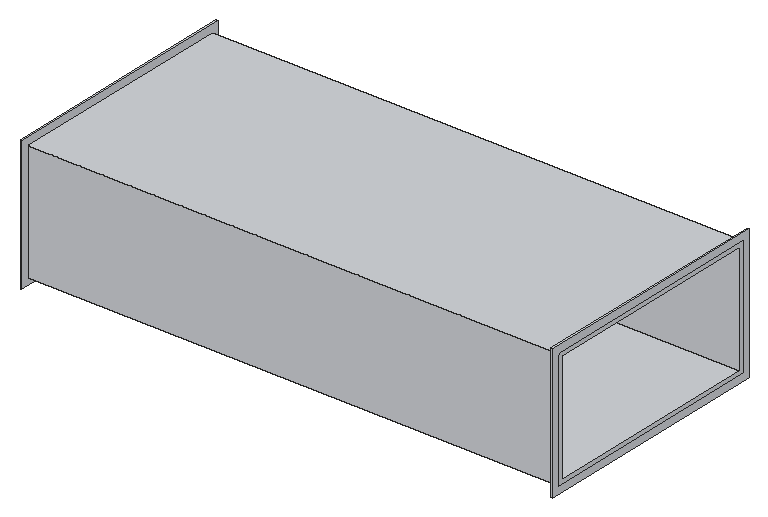
Revit family "Бактерицидная секция BAW", category Оборудование, Revit 2022
Family settings
  Размер круглого соединителя = Использовать диаметр
  Тип детали = Нормальный
  Номер OmniClass = 23.75.00.00
  Заголовок OmniClass = Climate Control (HVAC)
  На основе рабочей плоскости = Нет
  Всегда вертикально = Да
  При загрузке вырезать с полостями = Нет
  Сохранять ориентацию аннотаций = Нет
  Общий = Да
  Точка принадлежности помещению = Нет
Parameters (values of type "Канальная бактерицидная секция BAW 60-30/12")
  Default Elevation = 0 mm
  URL = ""
  Cost = 0
  ADSK_Ток = 0.34 A * ADSK_Количество ламп  # 4.08 A
  ADSK_Система_Имя [instance] = ""
  ADSK_Расход воздуха = 300.0 m³/h
  ADSK_Размер_Ширина_Д = 620 mm
  ADSK_Размер_Ширина_А = 600 mm
  ADSK_Размер_Высота_Г = 320 mm
  ADSK_Размер_Высота_Б = 300 mm
  ADSK_Потеря давления воздуха = 0.0 Pa
  ADSK_Полная мощность = ADSK_Ток * ADSK_Напряжение  # 897.6 VA
  ADSK_Номинальная мощность = 0.075 kW * ADSK_Количество ламп  # 0.90 kW
  ADSK_Напряжение = 220 V  # constant formula
  ADSK_Наименование краткое = "BAW 60-30/12"
  ADSK_Наименование [instance] = "Канальная бактерицидная секция BAW 60-30/12"
  ADSK_Масса_Текст = "41.5"
  ADSK_Масса = 41.5
  ADSK_Марка = "BAW 60-30/12"
  ADSK_Количество фаз = 1
  ADSK_Количество ламп = 12
  ADSK_Количество [instance] = 1  # constant formula
  ADSK_Код изделия = "Канальная бактерицидная секция BAW 60-30/12"
  ADSK_Классификация нагрузок = ОВК
  ADSK_Завод-изготовитель = "WAER"  # constant formula
  ADSK_Единица измерения = "шт."  # constant formula
  ADSK_Бактерицидный поток = ADSK_Количество ламп * 26.5  # 318
  ADSK_URL страницы изделия = "https://waer-air.com/baktericidnye-sekcii-baw/"
  ADSK_URL документации изделия = ""
Types (36, lengths in mm): name | ADSK_Ток | ADSK_Размер_Ширина_Д | ADSK_Размер_Ширина_А | ADSK_Размер_Высота_Г | ADSK_Размер_Высота_Б | ADSK_Полная мощность | ADSK_Номинальная мощность | ADSK_Наименование краткое | ADSK_Наименование | ADSK_Масса_Текст | ADSK_Масса | ADSK_Марка | ADSK_Количество ламп | ADSK_Код изделия | ADSK_Бактерицидный поток
  Канальная бактерицидная секция BAW 40-20/9 | 3.06 A | 440 | 400 | 220 | 200 | 673.2 VA | 0.675 kW | "BAW 40-20/9" | "Канальная бактерицидная секция BAW 40-20/9" | "30.2" | 30.2 | "BAW 40-20/9" | 9 | "Канальная бактерицидная секция BAW 40-20/9" | 238.5
  Канальная бактерицидная секция BAW 40-20/6 | 2.04 A | 440 | 400 | 220 | 200 | 448.8 VA | 0.45 kW | "BAW 40-20/6" | "Канальная бактерицидная секция BAW 40-20/6" | "26.3" | 26.3 | "BAW 40-20/6" | 6 | "Канальная бактерицидная секция BAW 40-20/6" | 159
  Канальная бактерицидная секция BAW 40-20/4 | 1.36 A | 440 | 400 | 220 | 200 | 299.2 VA | 0.30 kW | "BAW 40-20/4" | "Канальная бактерицидная секция BAW 40-20/4" | "23.7" | 23.7 | "BAW 40-20/4" | 4 | "Канальная бактерицидная секция BAW 40-20/4" | 106
  Канальная бактерицидная секция BAW 40-20/2 | 0.68 A | 440 | 400 | 220 | 200 | 149.6 VA | 0.15 kW | "BAW 40-20/2" | "Канальная бактерицидная секция BAW 40-20/2" | "21" | 21 | "BAW 40-20/2" | 2 | "Канальная бактерицидная секция BAW 40-20/2" | 53
  Канальная бактерицидная секция BAW 50-25/10 | 3.4 A | 520 | 500 | 270 | 250 | 748 VA | 0.75 kW | "BAW 50-25/10" | "Канальная бактерицидная секция BAW 50-25/10" | "35.2" | 35.2 | "BAW 50-25/10" | 10 | "Канальная бактерицидная секция BAW 50-25/10" | 265
  Канальная бактерицидная секция BAW 50-25/7 | 2.38 A | 520 | 500 | 270 | 250 | 523.6 VA | 0.525 kW | "BAW 50-25/7" | "Канальная бактерицидная секция BAW 50-25/7" | "31.3" | 31.3 | "BAW 50-25/7" | 7 | "Канальная бактерицидная секция BAW 50-25/7" | 185.5
  Канальная бактерицидная секция BAW 50-25/4 | 1.36 A | 520 | 500 | 270 | 250 | 299.2 VA | 0.30 kW | "BAW 50-25/4" | "Канальная бактерицидная секция BAW 50-25/4" | "27.3" | 27.3 | "BAW 50-25/4" | 4 | "Канальная бактерицидная секция BAW 50-25/4" | 106
  Канальная бактерицидная секция BAW 50-25/2 | 0.68 A | 520 | 500 | 270 | 250 | 149.6 VA | 0.15 kW | "BAW 50-25/2" | "Канальная бактерицидная секция BAW 50-25/2" | "24.7" | 24.7 | "BAW 50-25/2" | 2 | "Канальная бактерицидная секция BAW 50-25/2" | 53
  Канальная бактерицидная секция BAW 50-30/11 | 3.74 A | 520 | 500 | 320 | 300 | 822.8 VA | 0.825 kW | "BAW 50-30/11" | "Канальная бактерицидная секция BAW 50-30/11" | "37.7" | 37.7 | "BAW 50-30/11" | 11 | "Канальная бактерицидная секция BAW 50-30/11" | 291.5
  Канальная бактерицидная секция BAW 50-30/7 | 2.38 A | 520 | 500 | 320 | 300 | 523.6 VA | 0.525 kW | "BAW 50-30/7" | "Канальная бактерицидная секция BAW 50-30/7" | "32.5" | 32.5 | "BAW 50-30/7" | 7 | "Канальная бактерицидная секция BAW 50-30/7" | 185.5
  Канальная бактерицидная секция BAW 50-30/5 | 1.7 A | 520 | 500 | 320 | 300 | 374 VA | 0.375 kW | "BAW 50-30/5" | "Канальная бактерицидная секция BAW 50-30/5" | "29.8" | 29.8 | "BAW 50-30/5" | 5 | "Канальная бактерицидная секция BAW 50-30/5" | 132.5
  Канальная бактерицидная секция BAW 50-30/3 | 1.02 A | 520 | 500 | 320 | 300 | 224.4 VA | 0.225 kW | "BAW 50-30/3" | "Канальная бактерицидная секция BAW 50-30/3" | "27.2" | 27.2 | "BAW 50-30/3" | 3 | "Канальная бактерицидная секция BAW 50-30/3" | 79.5
  Канальная бактерицидная секция BAW 60-30/12 | 4.08 A | 620 | 600 | 320 | 300 | 897.6 VA | 0.90 kW | "BAW 60-30/12" | "Канальная бактерицидная секция BAW 60-30/12" | "41.5" | 41.5 | "BAW 60-30/12" | 12 | "Канальная бактерицидная секция BAW 60-30/12" | 318
  Канальная бактерицидная секция BAW 60-30/8 | 2.72 A | 620 | 600 | 320 | 300 | 598.4 VA | 0.60 kW | "BAW 60-30/8" | "Канальная бактерицидная секция BAW 60-30/8" | "36.3" | 36.3 | "BAW 60-30/8" | 8 | "Канальная бактерицидная секция BAW 60-30/8" | 212
  Канальная бактерицидная секция BAW 60-30/5 | 1.7 A | 620 | 600 | 320 | 300 | 374 VA | 0.375 kW | "BAW 60-30/5" | "Канальная бактерицидная секция BAW 60-30/5" | "32.3" | 32.3 | "BAW 60-30/5" | 5 | "Канальная бактерицидная секция BAW 60-30/5" | 132.5
  Канальная бактерицидная секция BAW 60-30/3 | 1.02 A | 620 | 600 | 320 | 300 | 224.4 VA | 0.225 kW | "BAW 60-30/3" | "Канальная бактерицидная секция BAW 60-30/3" | "29.7" | 29.7 | "BAW 60-30/3" | 3 | "Канальная бактерицидная секция BAW 60-30/3" | 79.5
  Канальная бактерицидная секция BAW 60-35/14 | 4.76 A | 620 | 600 | 370 | 350 | 1047.2 VA | 1.05 kW | "BAW 60-35/14" | "Канальная бактерицидная секция BAW 60-35/14" | "45.4" | 45.4 | "BAW 60-35/14" | 14 | "Канальная бактерицидная секция BAW 60-35/14" | 371
  Канальная бактерицидная секция BAW 60-35/9 | 3.06 A | 620 | 600 | 370 | 350 | 673.2 VA | 0.675 kW | "BAW 60-35/9" | "Канальная бактерицидная секция BAW 60-35/9" | "38.8" | 38.8 | "BAW 60-35/9" | 9 | "Канальная бактерицидная секция BAW 60-35/9" | 238.5
  Канальная бактерицидная секция BAW 60-35/6 | 2.04 A | 620 | 600 | 370 | 350 | 448.8 VA | 0.45 kW | "BAW 60-35/6" | "Канальная бактерицидная секция BAW 60-35/6" | "34.9" | 34.9 | "BAW 60-35/6" | 6 | "Канальная бактерицидная секция BAW 60-35/6" | 159
  Канальная бактерицидная секция BAW 60-35/4 | 1.36 A | 620 | 600 | 370 | 350 | 299.2 VA | 0.30 kW | "BAW 60-35/4" | "Канальная бактерицидная секция BAW 60-35/4" | "32.2" | 32.2 | "BAW 60-35/4" | 4 | "Канальная бактерицидная секция BAW 60-35/4" | 106
  Канальная бактерицидная секция BAW 70-40/17 | 5.78 A | 720 | 700 | 420 | 400 | 1271.6 VA | 1.275 kW | "BAW 70-40/17" | "Канальная бактерицидная секция BAW 70-40/17" | "53.1" | 53.1 | "BAW 70-40/17" | 17 | "Канальная бактерицидная секция BAW 70-40/17" | 450.5
  Канальная бактерицидная секция BAW 70-40/11 | 3.74 A | 720 | 700 | 420 | 400 | 822.8 VA | 0.825 kW | "BAW 70-40/11" | "Канальная бактерицидная секция BAW 70-40/11" | "45.1" | 45.1 | "BAW 70-40/11" | 11 | "Канальная бактерицидная секция BAW 70-40/11" | 291.5
  Канальная бактерицидная секция BAW 70-40/7 | 2.38 A | 720 | 700 | 420 | 400 | 523.6 VA | 0.525 kW | "BAW 70-40/7" | "Канальная бактерицидная секция BAW 70-40/7" | "39.9" | 39.9 | "BAW 70-40/7" | 7 | "Канальная бактерицидная секция BAW 70-40/7" | 185.5
  Канальная бактерицидная секция BAW 70-40/4 | 1.36 A | 720 | 700 | 420 | 400 | 299.2 VA | 0.30 kW | "BAW 70-40/4" | "Канальная бактерицидная секция BAW 70-40/4" | "35.9" | 35.9 | "BAW 70-40/4" | 4 | "Канальная бактерицидная секция BAW 70-40/4" | 106
  Канальная бактерицидная секция BAW 80-50/19 | 6.46 A | 820 | 800 | 520 | 500 | 1421.2 VA | 1.425 kW | "BAW 80-50/19" | "Канальная бактерицидная секция BAW 80-50/19" | "61.8" | 61.8 | "BAW 80-50/19" | 19 | "Канальная бактерицидная секция BAW 80-50/19" | 503.5
  Канальная бактерицидная секция BAW 80-50/13 | 4.42 A | 820 | 800 | 520 | 500 | 972.4 VA | 0.975 kW | "BAW 80-50/13" | "Канальная бактерицидная секция BAW 80-50/13" | "53.9" | 53.9 | "BAW 80-50/13" | 13 | "Канальная бактерицидная секция BAW 80-50/13" | 344.5
  Канальная бактерицидная секция BAW 80-50/8 | 2.72 A | 820 | 800 | 520 | 500 | 598.4 VA | 0.60 kW | "BAW 80-50/8" | "Канальная бактерицидная секция BAW 80-50/8" | "47.3" | 47.3 | "BAW 80-50/8" | 8 | "Канальная бактерицидная секция BAW 80-50/8" | 212
  Канальная бактерицидная секция BAW 80-50/5 | 1.7 A | 820 | 800 | 520 | 500 | 374 VA | 0.375 kW | "BAW 80-50/5" | "Канальная бактерицидная секция BAW 80-50/5" | "43.3" | 43.3 | "BAW 80-50/5" | 5 | "Канальная бактерицидная секция BAW 80-50/5" | 132.5
  Канальная бактерицидная секция BAW 90-50/23 | 7.82 A | 930 | 900 | 530 | 500 | 1720.4 VA | 1.725 kW | "BAW 90-50/23" | "Канальная бактерицидная секция BAW 90-50/23" | "89.3" | 89.3 | "BAW 90-50/23" | 23 | "Канальная бактерицидная секция BAW 90-50/23" | 609.5
  Канальная бактерицидная секция BAW 90-50/15 | 5.1 A | 930 | 900 | 530 | 500 | 1122 VA | 1.125 kW | "BAW 90-50/15" | "Канальная бактерицидная секция BAW 90-50/15" | "78.7" | 78.7 | "BAW 90-50/15" | 15 | "Канальная бактерицидная секция BAW 90-50/15" | 397.5
  Канальная бактерицидная секция BAW 90-50/10 | 3.4 A | 930 | 900 | 530 | 500 | 748 VA | 0.75 kW | "BAW 90-50/10" | "Канальная бактерицидная секция BAW 90-50/10" | "72.2" | 72.2 | "BAW 90-50/10" | 10 | "Канальная бактерицидная секция BAW 90-50/10" | 265
  Канальная бактерицидная секция BAW 90-50/6 | 2.04 A | 930 | 900 | 530 | 500 | 448.8 VA | 0.45 kW | "BAW 90-50/6" | "Канальная бактерицидная секция BAW 90-50/6" | "66.9" | 66.9 | "BAW 90-50/6" | 6 | "Канальная бактерицидная секция BAW 90-50/6" | 159
  Канальная бактерицидная секция BAW 100-50/25 | 8.5 A | 1030 | 1000 | 530 | 500 | 1870 VA | 1.875 kW | "BAW 100-50/25" | "Канальная бактерицидная секция BAW 100-50/25" | "95.7" | 95.7 | "BAW 100-50/25" | 25 | "Канальная бактерицидная секция BAW 100-50/25" | 662.5
  Канальная бактерицидная секция BAW 100-50/17 | 5.78 A | 1030 | 1000 | 530 | 500 | 1271.6 VA | 1.275 kW | "BAW 100-50/17" | "Канальная бактерицидная секция BAW 100-50/17" | "85.2" | 85.2 | "BAW 100-50/17" | 17 | "Канальная бактерицидная секция BAW 100-50/17" | 450.5
  Канальная бактерицидная секция BAW 100-50/12 | 4.08 A | 1030 | 1000 | 530 | 500 | 897.6 VA | 0.90 kW | "BAW 100-50/12" | "Канальная бактерицидная секция BAW 100-50/12" | "78.6" | 78.6 | "BAW 100-50/12" | 12 | "Канальная бактерицидная секция BAW 100-50/12" | 318
  Канальная бактерицидная секция BAW 100-50/7 | 2.38 A | 1030 | 1000 | 530 | 500 | 523.6 VA | 0.525 kW | "BAW 100-50/7" | "Канальная бактерицидная секция BAW 100-50/7" | "72.1" | 72.1 | "BAW 100-50/7" | 7 | "Канальная бактерицидная секция BAW 100-50/7" | 185.5
Reference planes
  plane 1 "Center (Front/Back)": y = 0
  plane 2: z = 0
  plane 3 "Center (Left/Right)": x = 0
  plane 4: x = -720
  plane 5: x = 720
Forms (mm)
  Extrusion 1, solid
    sketch origin (0, 0, 0) x (0, 1, 0) y (0, 0, 1)
      loop
        line (-310, 160) -> (-310, -160) -> (310, -160) -> (310, 160) -> (-310, 160)
      loop
        line (-300, 150) -> (-300, -150) -> (300, -150) -> (300, 150) -> (-300, 150)
    from -720 to 720
  Sweep 2, solid
    path in 3D
      loop
        line (-720, 310, 160) -> (-720, 310, -160) -> (-720, -310, -160) -> (-720, -310, 160) -> (-720, 310, 160)
    profile origin (-720, 0, 160) x (-1, 0, 0) y (0, 0, 1)
      loop
        line (0, 0) -> (0, 20) -> (-5, 20) -> (-5, 0) -> (0, 0)
  Sweep 3, solid
    path in 3D
      loop
        line (720, -310, 160) -> (720, -310, -160) -> (720, 310, -160) -> (720, 310, 160) -> (720, -310, 160)
    profile origin (720, 0, 160) x (1, 0, 0) y (0, 0, 1)
      loop
        line (0, 0) -> (0, 20) -> (-5, 20) -> (-5, 0) -> (0, 0)
Lines and regions (mm)
  sketch lines
    curve 1: line (-720, -310, 160) -> (-720, 310, 160)
    curve 2: line (-720, -310, -160) -> (-720, -310, 160)
    curve 3: line (-720, 310, -160) -> (-720, -310, -160)
    curve 4: line (-720, 310, 160) -> (-720, 310, -160)
    curve 5: line (720, 310, 160) -> (720, -310, 160)
    curve 6: line (720, 310, -160) -> (720, 310, 160)
    curve 7: line (720, -310, -160) -> (720, 310, -160)
    curve 8: line (720, -310, 160) -> (720, -310, -160)
Dimensions and locks
  equal spacing: Extrusion 1 sketch curve, plane 1 "Center (Front/Back)", Extrusion 1 sketch curve  (x2)
  "ADSK_Размер_Ширина_Д": Extrusion 1 sketch curve to Extrusion 1 sketch curve
  equal spacing: Extrusion 1 sketch curve, plane 2, Extrusion 1 sketch curve  (x2)
  "ADSK_Размер_Высота_Г": Extrusion 1 sketch curve to Extrusion 1 sketch curve
  locked: plane 4 to plane 5 at 1440
  equal spacing: plane 4, plane 3 "Center (Left/Right)", plane 5
  "ADSK_Размер_Ширина_А": Extrusion 1 sketch curve to Extrusion 1 sketch curve
  "ADSK_Размер_Высота_Б": Extrusion 1 sketch curve to Extrusion 1 sketch curve
  aligned and locked: level to plane 2
  aligned and locked: plane 5 to Extrusion 1
  aligned and locked: Extrusion 1 to plane 4
Automatic sketch dimensions
  Sweep 2 sketch curve to profile plane = 0 mm  (x2)
  profile plane to Sweep 2 sketch curve = 5 mm
  profile plane to Sweep 2 sketch curve = 20 mm
  Sweep 3 sketch curve to profile plane = 0 mm
  profile plane to Sweep 3 sketch curve = 0 mm
  profile plane to Sweep 3 sketch curve = 5 mm
  profile plane to Sweep 3 sketch curve = 20 mm
Connectors
  hvac at (-720, 0, 0), driven by "ADSK_Размер_Высота_Б", driven by "ADSK_Размер_Ширина_А"
    settings: on Extrusion 1, index 1, duct flow 0.0 m³/h, flow factor 0, pres drop 0.0 Pa, loss coef 0, conn angle 0.00°, conn width 600 mm, conn height 300 mm, conn diameter 609.6 mm, duct sys type 29, conn prof type 1, flow config 2, flow direction 0, loss method 0, conn ref index 2, conn util no, is conn primary yes, conn desc ""
  hvac at (720, 0, 0), driven by "ADSK_Размер_Высота_Б", driven by "ADSK_Размер_Ширина_А"
    settings: on Extrusion 1, index 2, duct flow 0.0 m³/h, flow factor 0, pres drop 0.0 Pa, loss coef 0, conn angle 0.00°, conn width 600 mm, conn height 300 mm, conn diameter 609.6 mm, duct sys type 29, conn prof type 1, flow config 2, flow direction 0, loss method 0, conn ref index 1, conn util no, is conn primary no, conn desc ""
